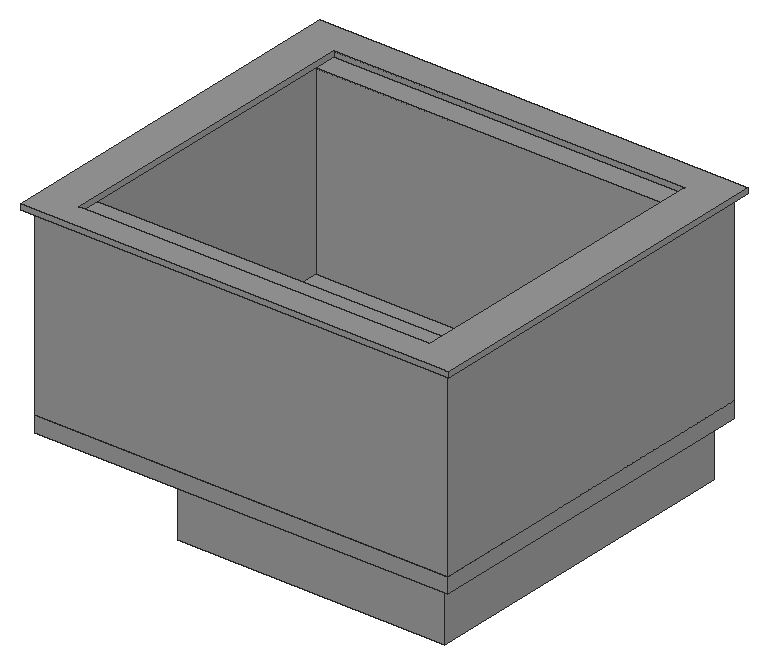
Revit family "Kühlwanne Umluft GN1-1 - Zentral", category Sonderausstattung, Revit 2015
Parameters (values of type "2xGN1-1")
  Watt = 40 W
  Wand vorne Stärke = 72.8 mm  # constant formula
  Wand hinten Stärke = 84.8 mm  # constant formula
  Tiefe ohne Rahmen = Tiefe - 2 mm * 16  # 668 mm
  Tiefe = 700 mm  # constant formula
  Temp. Bereich = "-1°C bis +5°C"
  Spannung = 230 V
  Scheinleistung = 0 VA
  Rand Stärke = 10 mm  # constant formula
  Rand Breite vorne = 46.8 mm  # constant formula
  Rand Breite seitlich = 72.3 mm  # constant formula
  Rand Breite hinten = 58.8 mm  # constant formula
  Pole = 1
  Material = Edelstahl AISI 304
  Kältemittel = "R404a"
  Kälteleistung = "720 W / -10°C VT"
  Kapazität = "2 x GN 1/1, Tiefe 30 - 150 mm"
  Installationshöhe [instance] = 750 mm
  Höhe Wanne = 385 mm  # constant formula
  Höhe Technikgehäuse = 100 mm  # constant formula
  Höhe = Höhe Wanne + Höhe Technikgehäuse  # 485 mm
  DN Tauwasserabfluß = 25.4 mm
  DN Saugleitung = 10 mm
  DN Flüssigkeitsleitung = 6 mm
  Breite ohne Rahmen = Breite - 2 mm * 15  # 770 mm
  Breite Technikgehäuse = 500 mm  # constant formula
  Wand Seiten Stärke = 57.3 mm  # constant formula
  Breite = 800 mm
  Boden Stärke = 30 mm  # constant formula
  Artikelnr. = "KWOU021100"
Types (4, lengths in mm): name | Watt | Kälteleistung | Kapazität | Breite ohne Rahmen | Breite | Artikelnr.
  2xGN1-1 | 40 W | "720 W / -10°C VT" | "2 x GN 1/1, Tiefe 30 - 150 mm" | 770 | 800 | "KWOU021100"
  3xGN1-1 | 40 W | "980 W / -10°C VT" | "3 x GN 1/1, Tiefe 30 - 150 mm" | 1095 | 1125 | "KWOU031100"
  4xGN1-1 | 60 W | "1480 W / -10°C VT" | "4 x GN 1/1, Tiefe 30 - 150 mm" | 1425 | 1455 | "KWOU041100"
  5xGN1-1 | 80 W | "1630 W / -10°C VT" | "5 x GN 1/1, Tiefe 30 - 150 mm" | 1750 | 1780 | "KWOU051100"
Reference planes
  plane 1 "Mitte (Vorne/Hinten)": y = 0
  plane 2: z = 0
  plane 3 "Mitte (Links/Rechts)": x = 0
  plane 4: y = -700
  plane 5: x = -800
  plane 6: z = 750
  plane 7: z = 365
  plane 8 "UK": z = 265
  plane 9: x = -535
  plane 10: x = -785
  plane 11: x = -15
  plane 12: y = -16
  plane 13: y = -684
  plane 14: y = -100.8
  plane 15: y = -611.2
  plane 16: x = -727.7
  plane 17: x = -72.3
  plane 18: z = 395
  plane 19: z = 740
  plane 20 "Technikgehäuse Rechts": x = -35
  plane 21 "Technikgehäuse vorne": y = -664
  plane 22: y = -36
  plane 23: y = -58.8
  plane 24: y = -653.2
  plane 25 "Elektroanschluss": z = 265
  plane 26: y = -468
  plane 27 "Tauwasserabfluß": z = 265
  plane 28: y = -343
  plane 29: x = -488
  plane 30: x = -285
  plane 31: z = 747.009
  plane 32: z = 315
  plane 33: x = -210
  plane 34: y = -566
  plane 35: x = -160
  plane 36: x = -727.7
  plane 37: x = -72.3
Forms (mm)
  Extrusion 1, solid, material "Edelstahl AISI 304" <- "Material"
    sketch origin (0, 0, 150) x (-1, 0, 0) y (0, -1, 0)
      loop
        line (35, 36) -> (535, 36) -> (535, 664) -> (35, 664) -> (35, 36)
    from 215 to 115
  Extrusion 2, solid, material "Edelstahl AISI 304" <- "Material", detail levels medium+fine
    sketch origin (0, 0, 150) x (-1, 0, 0) y (0, -1, 0)
      loop
        line (785, 16) -> (785, 684) -> (15, 684) -> (15, 16) -> (785, 16)
      loop
        line (72.3, 611.2) -> (72.3, 100.8) -> (727.7, 100.8) -> (727.7, 611.2) -> (72.3, 611.2)
    from 590 to 245
  Extrusion 3, solid, material "Edelstahl AISI 304" <- "Material", detail levels medium+fine
    sketch origin (0, 0, 150) x (-1, 0, 0) y (0, -1, 0)
      loop
        line (785, 16) -> (785, 684) -> (15, 684) -> (15, 16) -> (785, 16)
    from 245 to 215
  Extrusion 4, solid, material "Edelstahl AISI 304" <- "Material", detail levels fine
    sketch origin (0, 0, 150) x (-1, 0, 0) y (0, -1, 0)
      loop
        line (800, 0) -> (800, 700) -> (0, 700) -> (0, 0) -> (800, 0)
      loop
        line (727.7, 58.8) -> (727.7, 653.2) -> (72.3, 653.2) -> (72.3, 58.8) -> (727.7, 58.8)
    from 600 to 590
  Extrusion 5, solid, not visible
    sketch origin (0, 0, 265) x (0, -1, 0) y (1, 0, 0)
      loop
        circle (343, -488) r 20
    from 0 to 2
  Extrusion 6, solid, not visible
    sketch origin (0, 0, 265) x (0, -1, 0) y (1, 0, 0)
      loop
        circle (468, -285) r 20
    from 0 to 2
  Extrusion 7, solid, not visible
    sketch origin (0, 0, 265) x (0, -1, 0) y (1, 0, 0)
      loop
        circle (566, -210) r 5
    from 0 to 2
  Extrusion 8, solid, not visible
    sketch origin (0, 0, 265) x (0, -1, 0) y (1, 0, 0)
      loop
        circle (566, -160) r 3
    from 0 to 2
  Extrusion 9, solid, material "Edelstahl AISI 304" <- "Material", detail levels coarse
    sketch origin (0, 0, 265) x (0, -1, 0) y (1, 0, 0)
      loop
        line (16, -785) -> (684, -785) -> (684, -15) -> (16, -15) -> (16, -785)
    from 100 to 475
Dimensions and locks
  "Breite": plane 5 to plane 3 "Mitte (Links/Rechts)"
  "Tiefe": plane 4 to plane 1 "Mitte (Vorne/Hinten)"
  "Installationshöhe": plane 6 to level
  "Höhe Wanne": plane 6 to plane 7
  "Breite Technikgehäuse": plane 9 to plane 20 "Technikgehäuse Rechts"
  locked: plane 13 to plane 4 at 16
  locked: plane 1 "Mitte (Vorne/Hinten)" to plane 12 at 16
  locked: plane 5 to plane 10 at 15
  locked: plane 11 to plane 3 "Mitte (Links/Rechts)" at 15
  "Wand Seiten Stärke": plane 10 to plane 16
  "Wand Seiten Stärke": plane 17 to plane 11
  "Wand vorne Stärke": plane 13 to plane 15
  "Wand hinten Stärke": plane 12 to plane 14
  "Boden Stärke": plane 18 to plane 7
  "Rand Stärke": plane 6 to plane 19
  locked: plane 20 "Technikgehäuse Rechts" to plane 11 at 20
  locked: plane 12 to plane 22 at 20
  locked: plane 13 to plane 21 "Technikgehäuse vorne" at 20
  "Rand Breite hinten": plane 23 to plane 1 "Mitte (Vorne/Hinten)"
  "Rand Breite vorne": plane 24 to plane 4
  "Höhe Technikgehäuse": plane 7 to plane 8 "UK"
  locked: plane 8 "UK" to plane 25 "Elektroanschluss"
  locked: plane 8 "UK" to plane 27 "Tauwasserabfluß"
  locked: plane 21 "Technikgehäuse vorne" to plane 34 at 98
  equal spacing: plane 7, plane 32, plane 8 "UK"
  locked: plane 29 to plane 9 at 47
  locked: plane 30 to plane 29 at 203
  locked: plane 33 to plane 30 at 75
  locked: plane 34 to plane 26 at 98
  locked: plane 26 to plane 28 at 125
  locked: plane 35 to plane 33 at 50
  "Rand Breite seitlich": plane 5 to plane 36
  "Rand Breite seitlich": plane 37 to plane 3 "Mitte (Links/Rechts)"
  "DN Saugleitung": diameter of Extrusion 7 sketch curve
  "DN Flüssigkeitsleitung": diameter of Extrusion 8 sketch curve
  aligned and locked: level to plane 2
  aligned and locked: plane 7 to Extrusion 1
  aligned and locked: plane 8 "UK" to Extrusion 1
  aligned and locked: plane 19 to Extrusion 2
  aligned and locked: Extrusion 2 to plane 18
  aligned and locked: plane 18 to Extrusion 3
  aligned and locked: Extrusion 3 to plane 7
  aligned and locked: plane 6 to Extrusion 4
  aligned and locked: Extrusion 4 to plane 19
  aligned and locked: plane 36 to Extrusion 4
  aligned and locked: plane 37 to Extrusion 4
  aligned and locked: plane 19 to Extrusion 9
  aligned and locked: Extrusion 9 to plane 7
Automatic sketch dimensions
  Extrusion 1 sketch curve to plane 20 "Technikgehäuse Rechts" = 0 mm
  Extrusion 1 sketch curve to plane 9 = 0 mm
  Extrusion 1 sketch curve to plane 22 = 0 mm
  plane 21 "Technikgehäuse vorne" to Extrusion 1 sketch curve = 0 mm
  Extrusion 2 sketch curve to plane 11 = 0 mm
  Extrusion 2 sketch curve to plane 14 = 0 mm
  Extrusion 2 sketch curve to plane 17 = 0 mm
  plane 15 to Extrusion 2 sketch curve = 0 mm
  Extrusion 2 sketch curve to plane 16 = 0 mm
  Extrusion 2 sketch curve to plane 10 = 0 mm
  Extrusion 2 sketch curve to plane 12 = 0 mm
  plane 13 to Extrusion 2 sketch curve = 0 mm
  Extrusion 3 sketch curve to plane 11 = 0 mm
  Extrusion 3 sketch curve to plane 10 = 0 mm
  Extrusion 3 sketch curve to plane 12 = 0 mm
  plane 13 to Extrusion 3 sketch curve = 0 mm
  plane 1 "Mitte (Vorne/Hinten)" to Extrusion 4 sketch curve = 0 mm
  Extrusion 4 sketch curve to plane 3 "Mitte (Links/Rechts)" = 0 mm
  Extrusion 4 sketch curve to plane 17 = 0 mm
  Extrusion 4 sketch curve to plane 16 = 0 mm
  Extrusion 4 sketch curve to plane 5 = 0 mm
  Extrusion 4 sketch curve to plane 23 = 0 mm
  Extrusion 4 sketch curve to plane 24 = 0 mm
  Extrusion 4 sketch curve to plane 4 = 0 mm
  plane 28 to Extrusion 5 sketch curve = 0 mm
  Extrusion 5 sketch curve to plane 29 = 0 mm
  plane 26 to Extrusion 6 sketch curve = 0 mm
  Extrusion 6 sketch curve to plane 30 = 0 mm
  Extrusion 9 sketch curve to plane 11 = 0 mm
  Extrusion 9 sketch curve to plane 12 = 0 mm
  Extrusion 9 sketch curve to plane 10 = 0 mm
  plane 13 to Extrusion 9 sketch curve = 0 mm
  Extrusion 7 sketch curve to plane 33 = 0 mm
  plane 34 to Extrusion 7 sketch curve = 0 mm
  plane 34 to Extrusion 8 sketch curve = 0 mm
  Extrusion 8 sketch curve to plane 35 = 0 mm
  radius of Extrusion 5 sketch curve = 20 mm
  radius of Extrusion 6 sketch curve = 20 mm
Connectors
  electrical at (-285, -468, 265), driven by "Spannung", driven by "Scheinleistung", driven by "Pole"
    settings: on Extrusion 6, index 1, voltage 230 V, apparent load 0 VA, apparent load phase1 0 VA, apparent load phase2 0 VA, apparent load phase3 0 VA, power factor 1, load classification "Sonstige", number of poles 1, system type 31, power factor state 1, is connector primary yes, connector utility no, sub classification motor no, connector description ""
  piping at (-488, -343, 265), diameter 25.4, driven by "DN Tauwasserabfluß"
    settings: on Extrusion 5, index 2, connector inside diameter 609.6 mm, connector length 0 mm, flow factor 0, pipe flow 0.0 L/s, pressure drop 0.0 Pa, fitting loss kfactor 0, connector angle 0.00°, fixture units 0, engagement length 0 mm, angle of deflection 0.00°, flow configuration 1, flow direction 2, fitting loss method 0, system type 16, joint type 0, gender type 0, connector reference index -1, connector utility 0, adjustable connector no, is connector primary yes, connector description ""
  piping at (-210, -566, 265), diameter 10, driven by "DN Saugleitung"
    settings: on Extrusion 7, index 3, connector inside diameter 609.6 mm, connector length 0 mm, flow factor 0, pipe flow 0.0 L/s, pressure drop 0.0 Pa, fitting loss kfactor 0, connector angle 0.00°, fixture units 0, engagement length 0 mm, angle of deflection 0.00°, flow configuration 1, flow direction 1, fitting loss method 0, system type 22, joint type 0, gender type 0, connector reference index -1, connector utility 0, adjustable connector no, is connector primary no, connector description ""
  piping at (-160, -566, 265), diameter 6, driven by "DN Flüssigkeitsleitung"
    settings: on Extrusion 8, index 4, connector inside diameter 609.6 mm, connector length 0 mm, flow factor 0, pipe flow 0.0 L/s, pressure drop 0.0 Pa, fitting loss kfactor 0, connector angle 0.00°, fixture units 0, engagement length 0 mm, angle of deflection 0.00°, flow configuration 1, flow direction 1, fitting loss method 0, system type 20, joint type 0, gender type 0, connector reference index -1, connector utility 0, adjustable connector no, is connector primary no, connector description ""
